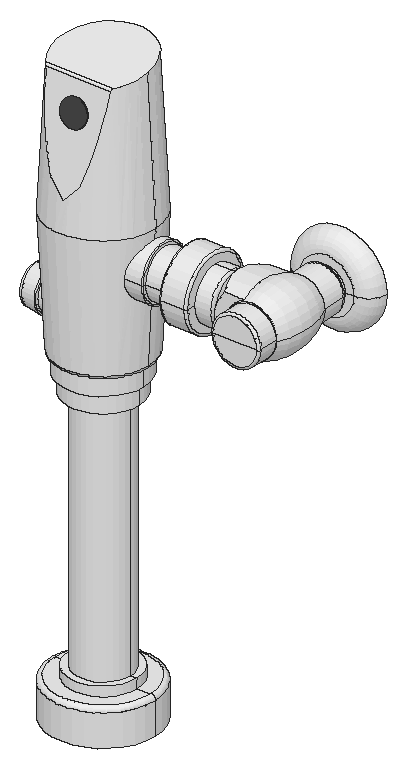
Revit family "Flush_Valve_Toilet-Exposed-American_Standard-Selectronic-606X_Series", category Plumbing Fixtures, Revit 2014
Parameters (values of type "6065.111")
  Width = 2 7/8"
  Waste Connection = no
  Warranty Information = "1 Year Limited Warranty"
  WFU = 0
  Vent Connection = no
  URL = "http://www.americanstandard-us.com/"
  Product Page URL = "https://www.americanstandard-us.com/bathroom/commercial-flushometers/selectronic-exposed-battery-powered-toilet-11-gpf-flush-valve-22318"
  Product Documentation Link = "https://www.americanstandard-us.com/-/media/sites/asus/files/product-specs/bulk/specsheet6065111.pdf?la=en"
  Price = "Prices may vary. Please consult Manufacturer Representative for most up-to-date price list."  # constant formula
  Model = "6065.111.002"
  Material = "Metal-American Standard-002-Polished Chrome"
  Manufacturer = "American Standard"
  Length = 2 1/4"
  Installation Type = "Exposed"
  Height = 16 1/2"
  HWFU = 0
  HW Connection = no
  Flush Rate = "1.1 Gpf (4.2 Lpf)"
  Description = "American Standard Selectronic Sensor-Operated Toilet Flush Valve, 1.1 GPF Battery Powered."
  Default Elevation = 0"
  Creation Date = "09/21/2016"  # constant formula
  Cold Water Connection Width = 4 3/4"
  Cold Water Connection Radius = 1/2"
  Cold Water Connection Height = 11 1/2"
  Cold Water Connection Diameter = Cold Water Connection Radius * 2  # 1"
  CWFU = 10
  CW Connection = yes
  Battery Life = "4 years @ 4,000 cycles per month (192,000 cycles)"
  Assembly Code = "D2020100"
  ADA Compliant = yes
Types (11): name | Product Page URL | Product Documentation Link | Model | Flush Rate | Description | Battery Life
  (no name) | "https://www.americanstandard-us.com/bathroom/commercial-flushometers/selectronic-exposed-battery-powered-toilet-11-gpf-flush-valve-22318" | "https://www.americanstandard-us.com/-/media/sites/asus/files/product-specs/bulk/specsheet6065111.pdf?la=en" | "6065.111.002" | "1.1 Gpf (4.2 Lpf)" | "American Standard Selectronic Sensor-Operated Toilet Flush Valve, 1.1 GPF Battery Powered." | "4 years @ 4,000 cycles per month (192,000 cycles)"
  6065.111 | "https://www.americanstandard-us.com/bathroom/commercial-flushometers/selectronic-exposed-battery-powered-toilet-11-gpf-flush-valve-22318" | "https://www.americanstandard-us.com/-/media/sites/asus/files/product-specs/bulk/specsheet6065111.pdf?la=en" | "6065.111.002" | "1.1 Gpf (4.2 Lpf)" | "American Standard Selectronic Sensor-Operated Toilet Flush Valve, 1.1 GPF Battery Powered." | "4 years @ 4,000 cycles per month (192,000 cycles)"
  6065.121 | "https://www.americanstandard-us.com/bathroom/commercial-flushometers/exposed-selectronic-battery-toilet-128-gpf-flush-valve-18220" | "https://www.americanstandard-us.com/-/media/sites/asus/files/product-specs/bulk/specsheet6065121.pdf?la=en" | "6065.121.002" | "1.28 Gpf (4.8 Lpf)" | "American Standard Selectronic Sensor-Operated Toilet Flush Valve, 1.28 GPF Battery Powered." | "4 years @ 4,000 cycles per month (192,000 cycles)"
  6065.161 | "https://www.americanstandard-us.com/bathroom/commercial-flushometers/exposed-selectronic-battery-toilet-16-gpf-flush-valve-18224" | "https://www.americanstandard-us.com/-/media/sites/asus/files/product-specs/bulk/specsheet6065161.pdf?la=en" | "6065.161.002" | "1.6 Gpf (6.0 Lpf)" | "American Standard Selectronic Sensor-Operated Toilet Flush Valve, 1.6 GPF  Battery Powered." | "4 years @ 4,000 cycles per month (192,000 cycles)"
  6065.761 | "https://www.americanstandard-us.com/bathroom/commercial-flushometers/exposed-toilet-flushometer-for-1-12-top-spud-bowls-21664" | "https://www.americanstandard-us.com/-/media/sites/asus/files/product-specs/bulk/specsheet6065761.pdf?la=en" | "6065.761.002" | "1.1/1.6 Gpf" | "American Standard Selectronic Sensor-Operated Toilet Flush Valve, 1.1/1.6 GPF Battery Powered." | "4 years @ 4,000 cycles per month (192,000 cycles)"
  6065.721 | "https://www.americanstandard-us.com/search-results-products?q=6065&page=1&plimit=21" | "https://www.americanstandard-us.com/search-results-products?q=6065&page=1&plimit=21" | "6065.721.002" | "1.28/1.1 Gpf" | "American Standard Selectronic Sensor-Operated Toilet Flush Valve, 1.28/1.1 GPF Battery Powered." | "4 years @ 4,000 cycles per month (192,000 cycles)"
  6066.111 | "https://www.americanstandard-us.com/bathroom/commercial-flushometers/selectronic-exposed-toilet-flush-valve-pwrx-long-life-battery-11-gpf-23714" | "https://www.americanstandard-us.com/-/media/sites/asus/files/product-specs/bulk/specsheet6066111.pdf?la=en" | "6066.111.002" | "1.1 Gpf (4.2 Lpf)" | "American Standard Selectronic Sensor-Operated Toilet Flush Valve, 1.1 GPF PWRX Battery Powered." | "10 years @ 4,000 cycles per month."
  6066.121 | "https://www.americanstandard-us.com/search-results-all?q=6066" | "https://www.americanstandard-us.com/search-results-all?q=6066" | "6066.121.002" | "1.28 Gpf (4.8 Lpf)" | "American Standard Selectronic Sensor-Operated Toilet Flush Valve, 1.28 GPF PWRX Battery Powered." | "10 years @ 4,000 cycles per month."
  6066.161 | "https://www.americanstandard-us.com/search-results-all?q=6066" | "https://www.americanstandard-us.com/search-results-all?q=6066" | "6066.161.002" | "1.6 Gpf (6.0 Lpf)" | "American Standard Selectronic Sensor-Operated Toilet Flush Valve, 1.6 GPF PWRX Battery Powered." | "10 years @ 4,000 cycles per month."
  6066.721 | "https://www.americanstandard-us.com/search-results-all?q=6066" | "https://www.americanstandard-us.com/search-results-all?q=6066" | "6066.721.002" | "1.28/1.1 Gpf" | "American Standard Selectronic Sensor-Operated Toilet Flush Valve, 1.28/1.1 GPF PWRX Battery Powered." | "10 years @ 4,000 cycles per month."
  6066.761 | "https://www.americanstandard-us.com/search-results-all?q=6066" | "https://www.americanstandard-us.com/search-results-all?q=6066" | "6066.761.002" | "1.1/1.6 Gpf" | "American Standard Selectronic Sensor-Operated Toilet Flush Valve, 1.1/1.6 GPF PWRX Battery Powered." | "10 years @ 4,000 cycles per month."
Reference planes (in)
  plane 1 "Center (Front/Back)": y = 0
  plane 2: z = 0
  plane 3 "Center (Left/Right)": x = 0
  plane 4: z = 16.5
  plane 5: z = 11.5
  plane 6: z = 1
  plane 7: z = 8.5
  plane 8: x = -0.75
  plane 9: z = 8
  plane 10: x = -1
  plane 11: z = 9
  plane 12: z = 12.5
  plane 13: x = -1.25
  plane 14: x = -1.4375
  plane 15: x = -1.4375
  plane 16: x = 1.4375
  plane 17: y = 0
  plane 18: z = 10.5
  plane 19: x = -1.92645
  plane 20: y = 2.25
  plane 21: x = 5.625
  plane 22: x = 4.75
  plane 23: x = -1.125
  plane 24: x = 6
  plane 25: x = -0.75
  plane 26: y = 1.60156
  plane 27: y = 1.75
  plane 28: x = 5.25
  plane 29: x = 3.08101
  plane 30: x = 2.33101
  plane 31: x = 1.68535
  plane 32: z = 16.53747
  plane 33: y = -1.44822
  plane 34: y = 1.50643
Forms (in)
  Revolve 1, solid, material "Metal-American Standard-002-Polished Chrome"
    sketch origin (0, 0, 0) x (1, 0, 0) y (0, 0, 1)
      loop
        line (0, 0) -> (0, 16.5) -> (-1.16397, 16.5)
        arc (-1.16397, 16.5) -> (-1.20697, 16.48286) -> (-1.22638, 16.44084) r 0.0625
        line (-1.22638, 16.44084) -> (-1.4375, 12.5) -> (-1.25317, 9.05916)
        arc (-1.25317, 9.05916) -> (-1.23375, 9.01714) -> (-1.19076, 9) r 0.0625
        line (-1.19076, 9) -> (-1.12508, 9) -> (-1.12508, 8.5) -> (-1, 8.5) -> (-1, 8) -> (-0.75, 8) -> (-0.75, 1.25) -> (-0.9375, 1.25) -> (-0.9375, 1) -> (-1.3125, 1)
        arc (-1.3125, 1) -> (-1.40089, 0.96339) -> (-1.4375, 0.875) r 0.125
        line (-1.4375, 0.875) -> (-1.4375, 0) -> (0, 0)
      axis (0, 0) -> (0, 16.5)
    angle from 0 to 360
  Revolve 2, solid, material "Metal-American Standard-002-Polished Chrome"
    sketch origin (0, 12.25, 11.5) x (0, -1, 0) y (1, 0, 0)
      loop
        line (11.5, 0) -> (12.25, 0) -> (12.25, 3.08101) -> (11.62193, 3.08101) -> (11.3125, 3.08101)
        arc (11.3125, 3.08101) -> (11.26831, 3.0627) -> (11.25, 3.01851) r 0.0625
        line (11.25, 3.01851) -> (11.25, 2.39351)
        arc (11.25, 2.39351) -> (11.26831, 2.34931) -> (11.3125, 2.33101) r 0.0625
        line (11.3125, 2.33101) -> (11.58594, 2.33101) -> (11.58594, 1.68535) -> (11.52499, 1.68535)
        arc (11.52499, 1.68535) -> (11.50732, 1.67803) -> (11.5, 1.66035) r 0.02499
        line (11.5, 1.66035) -> (11.5, 0)
      axis (12.25, 0) -> (12.25, 3.08101)
    angle from 0 to 360
  Extrusion 3, void
    sketch origin (0, 0, 0) x (0, 1, 0) y (0, 0, 1)
      loop
        line (1.50643, 16.53747) -> (-1.44822, 16.53747) -> (-1.44822, 13.02632) -> (-0.85456, 16.08044)
        arc (-0.85456, 16.08044) -> (-0.83701, 16.11309) -> (-0.80406, 16.13007) r 0.0625
        line (-0.80406, 16.13007) -> (1.50643, 16.53747)
    from -1.4375 to 1.4375
  Revolve 4, solid, material "Metal-American Standard-002-Polished Chrome"
    sketch origin (0, 0, -1.5) x (1, 0, 0) y (0, 0, 1)
      loop
        line (-1.92645, 11.5) -> (-1.1154, 11.5) -> (-1.1154, 12) -> (-1.41083, 12) -> (-1.41083, 12.05386)
        arc (-1.41083, 12.05386) -> (-1.4181, 12.07022) -> (-1.43512, 12.07579) r 0.02205
        line (-1.43512, 12.07579) -> (-1.81417, 12.03704)
        arc (-1.81417, 12.03704) -> (-1.89423, 11.99646) -> (-1.92645, 11.91269) r 0.125
        line (-1.92645, 11.91269) -> (-1.92645, 11.5)
      axis (-1.92645, 11.5) -> (-1.1154, 11.5)
    angle from 0 to 360
  Revolve 5, solid, material "Metal-American Standard-002-Polished Chrome"
    sketch origin (16.25, 0.10156, 11.5) x (0, 1, 0) y (-1, 0, 0)
      loop
        line (1.5, 11.5) -> (-1.5, 11.5) -> (-1.5, 10.8974)
        arc (-1.5, 10.8974) -> (-1.48169, 10.85321) -> (-1.4375, 10.8349) r 0.0625
        line (-1.4375, 10.8349) -> (-0.93354, 10.8349) -> (-0.93354, 10.80318)
        arc (-0.93354, 10.80318) -> (-0.08717, 10.62528) -> (0.75, 10.84242) r 1.89296
        line (0.75, 10.84242) -> (0.75, 10.875) -> (1.4375, 10.875)
        arc (1.4375, 10.875) -> (1.48169, 10.89331) -> (1.5, 10.9375) r 0.0625
        line (1.5, 10.9375) -> (1.5, 11.5)
      axis (-1.5, 11.5) -> (1.5, 11.5)
    angle from 0 to 360
  Extrusion 6, solid, material "Plastic-American Standard-Black"
    sketch origin (0, -1.59444, 12.27409) x (0, 0.190809, 0.981627) y (-1, 0, 0)
      loop
        circle (3.08303, 0) r 0.375
    from -0.01396 to 0.00768
  Extrusion 7, solid, material "Metal-American Standard-002-Polished Chrome"
    sketch origin (-0.13214, -0.0035, 8.67627) x (0, 1, 0) y (0, 0, 1)
      loop
        arc (0.78766, 3.49636) -> (0.0028, 3.64371) -> (-0.78254, 3.49897) r 2.18333
        line (-0.78254, 3.49897) -> (-0.78254, 2.14972)
        arc (-0.78254, 2.14972) -> (0.0028, 2.00499) -> (0.78766, 2.15234) r 2.18333
        line (0.78766, 2.15234) -> (0.78766, 3.49636)
    from 3.21315 to 4.88214
  Revolve 8, void
    sketch origin (-0.13214, 0, 11.42976) x (1, 0, 0) y (0, 0, -1)
      loop
        arc (3.65531, 0.64851) -> (3.7556, 0.66951) -> (3.83905, 0.72899) r 0.25
        line (3.83905, 0.72899) -> (4.30459, 1.14102) -> (4.30459, 1.17308) -> (3.21315, 1.17308) -> (3.21315, 0.64851) -> (3.65531, 0.64851)
      axis (3.21315, -0.07024) -> (4.30459, -0.07024)
    angle from 0 to 360
  Revolve 9, solid, material "Metal-American Standard-002-Polished Chrome"
    sketch origin (16.25, 0, 11.5) x (0, 1, 0) y (-1, 0, 0)
      loop
        line (2.25, 10.25) -> (2.25, 11.5) -> (1.60156, 11.5) -> (1.60156, 11) -> (1.75, 11) -> (1.75, 10.75)
        arc (1.75, 10.75) -> (1.89645, 10.39645) -> (2.25, 10.25) r 0.5
      axis (2.25, 11.5) -> (1.60156, 11.5)
    angle from 0 to 360
Cuts and joins
  Extrusion 3, Revolve 8 cuts Revolve 1
  Revolve 8 cuts Revolve 4
  Revolve 8 cuts Extrusion 7
  joined: Revolve 1, Revolve 2, Revolve 4, Revolve 5, Extrusion 7, Revolve 9
Lines and regions (in)
  Masking region 1
    outline origin (0, 0, 0) x (1, 0, 0) y (0, 1, 0)
      loop
        line (-1.34774, 0.5) -> (-1.41083, 0.5) -> (-1.41083, 0.55386)
        arc (-1.41083, 0.55386) -> (-1.4181, 0.57022) -> (-1.43512, 0.57579) r 0.02205
        line (-1.43512, 0.57579) -> (-1.81424, 0.53703)
        arc (-1.81424, 0.53703) -> (-1.89426, 0.49647) -> (-1.92647, 0.41274) r 0.12493
        line (-1.92647, 0.41274) -> (-1.92647, -0.41274)
        arc (-1.92647, -0.41274) -> (-1.89426, -0.49647) -> (-1.81424, -0.53703) r 0.12493
        line (-1.81424, -0.53703) -> (-1.43512, -0.57579)
        arc (-1.43512, -0.57579) -> (-1.4181, -0.57022) -> (-1.41083, -0.55386) r 0.02205
        line (-1.41083, -0.55386) -> (-1.41083, -0.5) -> (-1.34774, -0.5)
        arc (-1.34774, -0.5) -> (-0.13882, -1.43078) -> (1.22648, -0.74977) r 1.4375
        line (1.22648, -0.74977) -> (1.66075, -0.74977)
        arc (1.66075, -0.74977) -> (1.67814, -0.74256) -> (1.68535, -0.72517) r 0.0246
        line (1.68535, -0.72517) -> (1.68535, -0.66427) -> (2.33101, -0.66427) -> (2.33101, -0.93804)
        arc (2.33101, -0.93804) -> (2.3493, -0.98221) -> (2.39348, -1.0005) r 0.06247
        line (2.39348, -1.0005) -> (3.01828, -1.0005)
        arc (3.01828, -1.0005) -> (3.06263, -0.98213) -> (3.08101, -0.93777) r 0.06273
        line (3.08101, -0.93777) -> (3.08101, -0.71699) -> (3.60829, -0.71699)
        arc (3.60829, -0.71699) -> (3.69967, -0.73683) -> (3.77919, -0.78604) r 0.27615
        line (3.77919, -0.78604) -> (4.03368, -0.78604) -> (4.05318, -0.83198) -> (4.0849, -0.83198) -> (4.0849, -1.33521)
        arc (4.0849, -1.33521) -> (4.10342, -1.37992) -> (4.14813, -1.39844) r 0.06323
        line (4.14813, -1.39844) -> (5.35187, -1.39844)
        arc (5.35187, -1.39844) -> (5.39658, -1.37992) -> (5.4151, -1.33521) r 0.06323
        line (5.4151, -1.33521) -> (5.4151, -0.83198) -> (5.44682, -0.83198)
        arc (5.44682, -0.83198) -> (5.62547, 0.01441) -> (5.40758, 0.85156) r 1.88651
        line (5.40758, 0.85156) -> (5.375, 0.85156) -> (5.375, 1.60156) -> (5.25, 1.60156) -> (5.25, 1.75) -> (5.5, 1.75)
        arc (5.5, 1.75) -> (5.85355, 1.89645) -> (6, 2.25) r 0.5
        line (6, 2.25) -> (3.5, 2.25)
        arc (3.5, 2.25) -> (3.64645, 1.89645) -> (4, 1.75) r 0.5
        line (4, 1.75) -> (4.25, 1.75) -> (4.25, 1.60156) -> (4.18972, 1.60156)
        arc (4.18972, 1.60156) -> (4.14396, 1.58261) -> (4.125, 1.53684) r 0.06472
        line (4.125, 1.53684) -> (4.125, 0.85156) -> (4.09242, 0.85156) -> (4.06026, 0.78416) -> (3.77716, 0.78416)
        arc (3.77716, 0.78416) -> (3.7185, 0.74303) -> (3.64997, 0.72212) r 0.22813
        line (3.64997, 0.72212) -> (3.08101, 0.72212) -> (3.08101, 0.93777)
        arc (3.08101, 0.93777) -> (3.06263, 0.98213) -> (3.01828, 1.0005) r 0.06273
        line (3.01828, 1.0005) -> (2.39348, 1.0005)
        arc (2.39348, 1.0005) -> (2.3493, 0.98221) -> (2.33101, 0.93804) r 0.06247
        line (2.33101, 0.93804) -> (2.33101, 0.66416) -> (1.68535, 0.66416) -> (1.68535, 0.72499)
        arc (1.68535, 0.72499) -> (1.67802, 0.74268) -> (1.66034, 0.75) r 0.02501
        line (1.66034, 0.75) -> (1.22634, 0.75)
        arc (1.22634, 0.75) -> (-0.13896, 1.43077) -> (-1.34774, 0.5) r 1.4375
  symbolic lines, detail levels medium+fine
    curve 1: line (1.68535, 0.6875, 0) -> (1.68535, -0.6875, 0)
    curve 2: arc (-1.34774, -0.5, 0) -> (-1.4375, 0, 0) -> (-1.34774, 0.5, 0) r 1.4375
    curve 3: arc (1.22592, 0.75069, 0) -> (1.4375, 0.00054, 0) -> (1.22648, -0.74977, 0) r 1.4375
    curve 4: circle (0, 0, 0) r 1.23794 normal (0, 0, 1)
    curve 7: line (2.33101, 0.66406, 0) -> (2.33101, -0.66427, 0)
    curve 8: line (3.08101, 0.72212, 0) -> (3.08101, -0.71699, 0)
    curve 9: line (5.25, 1.60156, 0) -> (4.25, 1.60156, 0)
    curve 10: line (5.25, 1.75, 0) -> (4.25, 1.75, 0)
    curve 11: line (3.70691, -0.73988, 0) -> (3.70691, 0.73778, 0)
    curve 12: line (5.44682, -0.83198, 0) -> (4.05357, -0.83198, 0)
    curve 13: line (5.40758, 0.85156, 0) -> (4.09481, 0.85156, 0)
  symbolic lines, detail levels fine
    curve 5: arc (-0.8993, -0.85073, 0) -> (0, -1.39844, 0) -> (0.8993, -0.85073, 0) r 1.01216
    curve 6: spline (-0.36534, -1.02265, 0) -> (-0.35289, -1.00181, 0) -> (-0.31639, -0.9824, 0) -> (-0.25833, -0.96573, 0) -> (-0.18267, -0.95293, 0) -> (-0.09456, -0.94489, 0) -> (0, -0.94215, 0) -> (0.09456, -0.94489, 0) -> (0.18267, -0.95293, 0) -> (0.25833, -0.96573, 0) -> (0.31639, -0.9824, 0) -> (0.35289, -1.00181, 0) -> (0.36534, -1.02265, 0) -> (0.35289, -1.04349, 0) -> (0.31639, -1.0629, 0) -> (0.25833, -1.07957, 0) -> (0.18267, -1.09237, 0) -> (0.09456, -1.10041, 0) -> (0, -1.10315, 0) -> (-0.09456, -1.10041, 0) -> (-0.18267, -1.09237, 0) -> (-0.25833, -1.07957, 0) -> (-0.31639, -1.0629, 0) -> (-0.35289, -1.04349, 0) -> (-0.36534, -1.02265, 0)
    curve 14: arc (4.05357, -0.83198, 0) -> (3.8729, 0.01472, 0) -> (4.09481, 0.85156, 0) r 1.86128
Dimensions and locks (in)
  plane 11 to level = 9"
  "Width": plane 16 to plane 15
  "Height": plane 4 to level
  "Cold Water Connection Height": plane 5 to level
  plane 4 to plane 5 = 5"
  locked: Revolve 5 sketch curve to Revolve 5 sketch curve at 0.75
  locked: Revolve 5 sketch curve to Revolve 5 sketch curve at 1.68354
  locked: Revolve 5 sketch curve to Revolve 5 sketch curve at 0.56646
  "Length": plane 1 "Center (Front/Back)" to plane 20
  locked: Revolve 5 sketch curve to plane 1 "Center (Front/Back)" at 1.39844
  locked: Revolve 5 sketch curve to Revolve 5 sketch curve at 0.87523
  locked: Revolve 5 sketch curve to Revolve 5 sketch curve at 0.625
  locked: plane 22 to Revolve 5 sketch curve at 0.6651
  locked: plane 3 "Center (Left/Right)" to Masking region 1 sketch curve at 1.68535
  locked: Masking region 1 sketch curve to Masking region 1 sketch curve at 1.25
  locked: Masking region 1 sketch curve to Masking region 1 sketch curve at 1
  locked: Masking region 1 sketch curve to Masking region 1 sketch curve at 1.68354
  Masking region 1 sketch curve to Masking region 1 sketch curve to Masking region 1 sketch curve to Masking region 1 sketch curve = 3/4" locked, 1 1/256" locked, 1.3302" locked
  locked: Masking region 1 sketch curve to Masking region 1 sketch curve at 0.75
  "Cold Water Connection Width": plane 3 "Center (Left/Right)" to plane 22
  locked: plane 20 to plane 27 at 0.5
  locked: plane 26 to plane 1 "Center (Front/Back)" at 1.60156
  locked: plane 22 to plane 28 at 0.5
  locked: plane 30 to plane 29 at 0.75
  locked: plane 3 "Center (Left/Right)" to plane 31 at 1.68535
  locked: plane 29 to plane 22 at 1.66899
  locked: plane 1 "Center (Front/Back)" to plane 33 at 1.44822
  locked: plane 4 to plane 32 at 0.03747
  locked: plane 34 to plane 1 "Center (Front/Back)" at 1.50643
  aligned and locked: plane 20 to cut or joined group of Revolve 1, Revolve 2, Extrusion 3, Revolve 4, Revolve 5, Extrusion 7, Revolve 8, Revolve 9
  aligned and locked: Revolve 5 sketch curve to plane 22
  aligned and locked: Revolve 9 sketch curve to plane 22
  aligned and locked: Extrusion 7 to Revolve 8
  aligned and locked: plane 22 to Extrusion 7
  aligned and locked: Masking region 1 sketch curve to Masking region 1 sketch curve  (x2)
  aligned and locked: plane 20 to Revolve 9 sketch curve
  aligned and locked: plane 27 to Revolve 9 sketch curve
  aligned and locked: plane 26 to Revolve 9 sketch curve
  aligned and locked: plane 28 to Revolve 9 sketch curve
  aligned and locked: plane 29 to cut or joined group of Revolve 1, Revolve 2, Extrusion 3, Revolve 4, Revolve 5, Extrusion 7, Revolve 8, Revolve 9
  aligned and locked: Revolve 2 sketch curve to plane 30
  aligned and locked: Revolve 2 sketch curve to plane 31
  aligned and locked: cut or joined group of Revolve 1, Revolve 2, Extrusion 3, Revolve 4, Revolve 5, Extrusion 7, Revolve 8, Revolve 9 to curve 7
  aligned and locked: cut or joined group of Revolve 1, Revolve 2, Extrusion 3, Revolve 4, Revolve 5, Extrusion 7, Revolve 8, Revolve 9 to curve 8
  aligned and locked: cut or joined group of Revolve 1, Revolve 2, Extrusion 3, Revolve 4, Revolve 5, Extrusion 7, Revolve 8, Revolve 9 to curve 10
  aligned and locked: curve 11 to cut or joined group of Revolve 1, Revolve 2, Extrusion 3, Revolve 4, Revolve 5, Extrusion 7, Revolve 8, Revolve 9
  aligned and locked: Masking region 1 to cut or joined group of Revolve 1, Revolve 2, Extrusion 3, Revolve 4, Revolve 5, Extrusion 7, Revolve 8, Revolve 9
  aligned and locked: cut or joined group of Revolve 1, Revolve 2, Extrusion 3, Revolve 4, Revolve 5, Extrusion 7, Revolve 8, Revolve 9 to Masking region 1  (x2)
  aligned and locked: cut or joined group of Revolve 1, Revolve 2, Extrusion 3, Revolve 4, Revolve 5, Extrusion 7, Revolve 8, Revolve 9 to cut or joined group of Revolve 1, Revolve 2, Extrusion 3, Revolve 4, Revolve 5, Extrusion 7, Revolve 8, Revolve 9
  aligned and locked: Masking region 1 sketch curve to cut or joined group of Revolve 1, Revolve 2, Extrusion 3, Revolve 4, Revolve 5, Extrusion 7, Revolve 8, Revolve 9
  aligned and locked: Masking region 1 to curve 9
  aligned and locked: plane 32 to Extrusion 3 sketch curve
  aligned and locked: plane 33 to Extrusion 3 sketch curve
  aligned and locked: plane 34 to Extrusion 3 sketch curve
Automatic sketch dimensions
  Revolve 1 sketch curve to plane 12 = 0"
  plane 14 to Revolve 1 sketch curve = 0"  (x2)
  Revolve 1 sketch curve to level = 0"
  Revolve 1 sketch curve to plane 6 = 0"
  Revolve 1 sketch curve to plane 11 = 0"
  Revolve 1 sketch curve to plane 4 = 0"
  Revolve 1 sketch curve to plane 7 = 0"
  Revolve 1 sketch curve to plane 9 = 0"
  plane 10 to Revolve 1 sketch curve = 0"
  Revolve 1 sketch curve to plane 8 = 0"
  Revolve 1 sketch curve to plane 3 "Center (Left/Right)" = 0"  (x2)
  plane 13 to Revolve 1 sketch curve = 1/16"
  plane 13 to Revolve 1 sketch curve = 0.00317"
  Revolve 1 sketch curve to plane 13 = 0.02362"
  Revolve 1 sketch curve to plane 13 = 0.05924"
  plane 23 to Revolve 1 sketch curve = 0.03897"
  plane 23 to Revolve 1 sketch curve = 0.00008"
  Revolve 1 sketch curve to plane 10 = 1/16"
  Revolve 1 sketch curve to Revolve 1 sketch curve = 1/4"
  plane 11 to Revolve 1 sketch curve = 0.05916"
  Revolve 1 sketch curve to Revolve 1 sketch curve = 1/16"
  plane 6 to Revolve 1 sketch curve = 7/8"
  Revolve 1 sketch curve to plane 9 = 1 1/8"
  Extrusion 3 sketch curve to plane 4 = 0.41956"
  Extrusion 3 sketch curve to Extrusion 3 sketch curve = 0.59366"
  Extrusion 3 sketch curve to plane 4 = 0.36993"
  Extrusion 3 sketch curve to Extrusion 3 sketch curve = 0.0505"
  Extrusion 3 sketch curve to Extrusion 3 sketch curve = 0.06135"
  plane 5 to Extrusion 3 sketch curve = 1.52632"
  plane 19 to Revolve 4 sketch curve = 0"
  Revolve 4 sketch curve to plane 18 = 0"
  plane 18 to Revolve 4 sketch curve = 0.03704"
  Revolve 4 sketch curve to plane 19 = 0.11229"
  Revolve 4 sketch curve to plane 18 = 0.08731"
  plane 15 to Revolve 4 sketch curve = 0.00238"
  plane 15 to Revolve 4 sketch curve = 0.00463"
  plane 15 to Revolve 4 sketch curve = 0.02667"
  Revolve 4 sketch curve to plane 23 = 0.0096"
  Revolve 4 sketch curve to Revolve 4 sketch curve = 0.41269"
  plane 18 to Revolve 4 sketch curve = 0.05386"
  plane 19 to Revolve 4 sketch curve = 0.19568"
  Revolve 4 sketch curve to Revolve 4 sketch curve = 0.06623"
  Revolve 4 sketch curve to Revolve 4 sketch curve = 0"
  Extrusion 6 sketch curve to Extrusion 3 = 0.79456"
  Extrusion 3 to Extrusion 6 sketch curve = 1 7/16"
  Revolve 8 sketch curve to plane 5 = 0"
  plane 16 to Revolve 8 sketch curve = 1.64351"
  Revolve 8 sketch curve to Revolve 8 sketch curve = 0.44216"
  Revolve 8 sketch curve to Revolve 8 sketch curve = 0.18374"
  Revolve 8 sketch curve to plane 22 = 0.57755"
  Revolve 8 sketch curve to plane 5 = 23/32"
  Revolve 8 sketch curve to Revolve 8 sketch curve = 0.08048"
  Revolve 8 sketch curve to Revolve 8 sketch curve = 0.41204"
  Revolve 8 sketch curve to Revolve 8 sketch curve = 0.52457"
  Revolve 8 sketch curve to Revolve 8 sketch curve = 0.13279"
  Revolve 8 sketch curve to Revolve 8 sketch curve = 0.07183"
  Revolve 5 sketch curve to plane 22 = 0"
  Revolve 5 sketch curve to Revolve 5 sketch curve = 1/16"  (x2)
  plane 1 "Center (Front/Back)" to Revolve 5 sketch curve = 0.02971"
  Revolve 5 sketch curve to Revolve 5 sketch curve = 0.03172"
  plane 1 "Center (Front/Back)" to Revolve 5 sketch curve = 0.25029"
  Revolve 5 sketch curve to plane 1 "Center (Front/Back)" = 13/128"
  Revolve 9 sketch curve to Revolve 9 sketch curve = 0.3138"
  Revolve 9 sketch curve to Revolve 9 sketch curve = 0.31452"
  plane 1 "Center (Front/Back)" to Extrusion 7 sketch curve = 0.78604"
  plane 1 "Center (Front/Back)" to Extrusion 7 sketch curve = 0.00433"  (x2)
  Extrusion 7 sketch curve to plane 1 "Center (Front/Back)" = 0.78416"
  plane 11 to Extrusion 7 sketch curve = 1.13665"
  Extrusion 7 sketch curve to plane 5 = 0.67402"
  Extrusion 7 sketch curve to Extrusion 7 sketch curve = 0.69196"
  plane 5 to Extrusion 7 sketch curve = 0.67262"
  Masking region 1 sketch curve to Masking region 1 sketch curve = 0"  (x2)
  plane 1 "Center (Front/Back)" to Masking region 1 sketch curve = 0"
  Masking region 1 sketch curve to plane 3 "Center (Left/Right)" = 0"
  Masking region 1 sketch curve to plane 20 = 0"
  plane 15 to Masking region 1 sketch curve = 0.08976"  (x2)
  plane 15 to Masking region 1 sketch curve = 0.02667"  (x2)
  plane 15 to Masking region 1 sketch curve = 0.00463"  (x2)
  plane 15 to Masking region 1 sketch curve = 0.00238"  (x2)
  Masking region 1 sketch curve to plane 15 = 0.36404"  (x2)
  Masking region 1 sketch curve to Masking region 1 sketch curve = 0.01271"  (x2)
  Masking region 1 sketch curve to Masking region 1 sketch curve = 0.12493"
  Masking region 1 sketch curve to plane 16 = 0.21116"
  Masking region 1 sketch curve to plane 16 = 0.21102"
  plane 16 to Masking region 1 sketch curve = 0.22284"
  Masking region 1 sketch curve to Masking region 1 sketch curve = 0.0246"
  Masking region 1 sketch curve to Masking region 1 sketch curve = 0.02501"
  Masking region 1 sketch curve to Masking region 1 sketch curve = 0.06247"  (x2)
  Masking region 1 sketch curve to Masking region 1 sketch curve = 0.06273"  (x2)
  Masking region 1 sketch curve to plane 22 = 1 1/4"
  Masking region 1 sketch curve to Masking region 1 sketch curve = 0.48868"
  Masking region 1 sketch curve to Masking region 1 sketch curve = 0.53748"
  Masking region 1 sketch curve to Masking region 1 sketch curve = 0.03148"
  plane 1 "Center (Front/Back)" to Masking region 1 sketch curve = 0.02954"
  Masking region 1 sketch curve to Masking region 1 sketch curve = 0.08951"
  Masking region 1 sketch curve to Masking region 1 sketch curve = 0.1272"
  Masking region 1 sketch curve to plane 20 = 1/2"
  Masking region 1 sketch curve to Masking region 1 sketch curve = 0.05122"
  Masking region 1 sketch curve to Masking region 1 sketch curve = 0.03172"  (x2)
  Masking region 1 sketch curve to Masking region 1 sketch curve = 0.2831"
  Masking region 1 sketch curve to Masking region 1 sketch curve = 0.03216"
  Masking region 1 sketch curve to Masking region 1 sketch curve = 0.03258"  (x2)
  Masking region 1 sketch curve to Masking region 1 sketch curve = 0.06323"  (x2)
  Masking region 1 sketch curve to Masking region 1 sketch curve = 0.06472"
  Masking region 1 sketch curve to Masking region 1 sketch curve = 0.06028"
  Masking region 1 sketch curve to Masking region 1 sketch curve = 1/4"
  Masking region 1 sketch curve to Masking region 1 sketch curve = 1/2"
  plane 1 "Center (Front/Back)" to Masking region 1 sketch curve = 0.41274"
  Masking region 1 sketch curve to Masking region 1 sketch curve = 0.08726"  (x2)
  Masking region 1 sketch curve to Masking region 1 sketch curve = 0.05386"  (x2)
  Masking region 1 sketch curve to Masking region 1 sketch curve = 0.0609"
  Masking region 1 sketch curve to Masking region 1 sketch curve = 0.04594"
  plane 1 "Center (Front/Back)" to Masking region 1 sketch curve = 0.83198"
  Masking region 1 sketch curve to Masking region 1 sketch curve = 0.27351"
  Masking region 1 sketch curve to Masking region 1 sketch curve = 0.50323"
  Masking region 1 sketch curve to plane 1 "Center (Front/Back)" = 0.41274"
  Masking region 1 sketch curve to Masking region 1 sketch curve = 0.06083"
  Masking region 1 sketch curve to plane 1 "Center (Front/Back)" = 0.72212"
  Masking region 1 sketch curve to Masking region 1 sketch curve = 0.06204"
  Masking region 1 sketch curve to Masking region 1 sketch curve = 0.21565"
  Masking region 1 sketch curve to Masking region 1 sketch curve = 0.01206"
  Masking region 1 sketch curve to Masking region 1 sketch curve = 0.1709"
  Masking region 1 sketch curve to Masking region 1 sketch curve = 0.22079"
  Masking region 1 sketch curve to Masking region 1 sketch curve = 0.06905"
  plane 22 to Masking region 1 sketch curve = 0.60187"
  Revolve 9 sketch curve to plane 22 = 0"
  Revolve 9 sketch curve to Revolve 9 sketch curve = 1/4"
  Revolve 2 sketch curve to plane 29 = 0"
  Revolve 2 sketch curve to plane 3 "Center (Left/Right)" = 0"
  plane 1 "Center (Front/Back)" to Revolve 2 sketch curve = 0"  (x2)
  Revolve 2 sketch curve to plane 16 = 0"
  Revolve 2 sketch curve to plane 1 "Center (Front/Back)" = 0.62807"
  Revolve 2 sketch curve to plane 1 "Center (Front/Back)" = 85/128"
  Revolve 2 sketch curve to Revolve 2 sketch curve = 0.06094"
  Revolve 2 sketch curve to Revolve 2 sketch curve = 35/128"
  Revolve 2 sketch curve to Revolve 2 sketch curve = 0.30943"
  plane 29 to Revolve 2 sketch curve = 1/16"
  Revolve 2 sketch curve to plane 16 = 0.50758"
  plane 16 to Revolve 2 sketch curve = 0.22285"
  curve 2 to curve 3 = 0"  (x2)
  curve 2 to curve 4 = 0"  (x2)
  plane 1 "Center (Front/Back)" to curve 3 = 0"
  curve 3 to plane 3 "Center (Left/Right)" = 0"
  curve 6 to plane 3 "Center (Left/Right)" = 0"
  curve 5 to plane 3 "Center (Left/Right)" = 0"
  plane 1 "Center (Front/Back)" to curve 14 = 0.03085"
  plane 22 to curve 14 = 0.98362"
  curve 5 to curve 2 = 0.38628"
  curve 6 to curve 6 = 0.36534"
  curve 5 to plane 23 = 0.2257"
  plane 15 to curve 2 = 0.08976"  (x2)
  curve 3 to plane 16 = 0.21158"
  curve 3 to plane 16 = 0.21102"
  plane 16 to curve 1 = 0.24785"
  curve 11 to curve 14 = 0.34666"
  curve 11 to curve 14 = 0.38789"
  curve 9 to plane 22 = 1/2"
  curve 10 to curve 9 = 0"
  plane 22 to curve 10 = 1/2"
  curve 9 to curve 10 = 0"
  plane 22 to curve 13 = 0.65758"
  plane 22 to curve 12 = 0.69682"
  plane 1 "Center (Front/Back)" to curve 2 = 1/2"
  plane 1 "Center (Front/Back)" to curve 7 = 0.66427"
  curve 1 to curve 7 = 0.02323"
  plane 1 "Center (Front/Back)" to curve 8 = 0.71699"
  curve 11 to curve 8 = 0.02289"
  curve 3 to curve 1 = 0.06227"
  curve 14 to curve 11 = 0.0921"
  curve 5 to curve 2 = 0.35073"
  curve 6 to curve 5 = 0.17192"
  curve 7 to plane 1 "Center (Front/Back)" = 85/128"
  curve 1 to curve 3 = 0.06319"
  curve 8 to plane 1 "Center (Front/Back)" = 0.72212"
  curve 11 to curve 14 = 0.11379"
  radius of Extrusion 6 sketch curve = 3/8"
Connectors (in)
  piping at (4.75, 2.25, 11.5), diameter 1, driven by "Cold Water Connection Radius", driven by "CWFU"
    settings: on cut or joined group of Revolve 1, Revolve 2, Extrusion 3, Revolve 4, Revolve 5, Extrusion 7, Revolve 8, Revolve 9, index 1, connector inside diameter 24", connector length 0", flow factor 0, pipe flow 0 GPM, pressure drop 0.00 psi, fitting loss kfactor 0, connector angle 0.00°, fixture units 10, engagement length 0", angle of deflection 0.00°, flow configuration 3, flow direction 1, fitting loss method 0, system type 20, joint type 0, gender type 0, connector reference index -1, connector utility 0, adjustable connector no, is connector primary yes, connector description "1\" I.P.S Supply Inlet"
